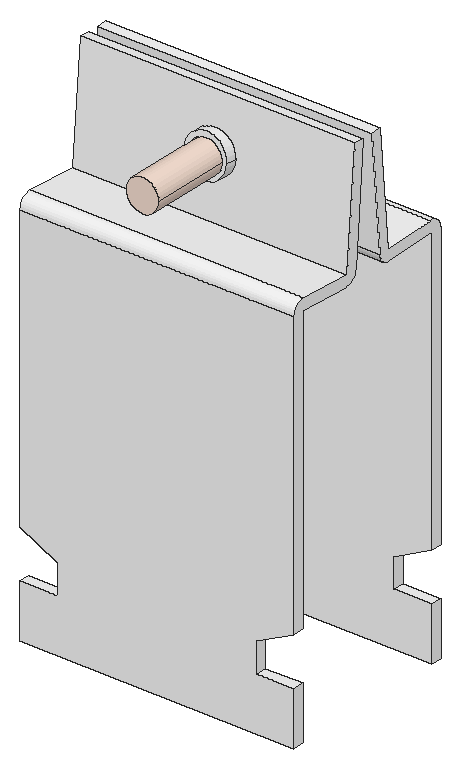
Revit family "十字止め金具60×30", category 機械設備, Revit 2020
Family settings
  丸型コネクタ寸法 = 直径を使用
  種別 = なし
  パーツ タイプ = 標準
  作業面ベース = いいえ
  常に垂直 = はい
  ロード時にボイドで切り取り = いいえ
  共有 = いいえ
  部屋計算ポイント = いいえ
Parameters
  製造元 = "株式会社桐井製作所"
  既定の高さ = 0 mm
  URL = "https://www.kirii.co.jp/"
  K_品名 = "十字止め金具60×30"
  K_名称 = "特殊クリップ"
  K_入数 = "100"
  K_バージョン情報 = "20211012"
Reference planes
  plane 1 "中心(正面/背面)": y = 0
  plane 2: z = 0
  plane 3 "中心(左/右)": x = 0
Forms (mm)
  Extrusion 1, solid
    sketch origin (0, 0, 0) x (0, 1, 0) y (0, 0, 1)
      loop
        line (-15, 0.522) -> (-5.096, 0.003)
        arc (-5.096, 0.003) -> (-3.538, 0.54) -> (-2.789, 2.008) r 2.2
        line (-2.789, 2.008) -> (-0.96, 22.921) -> (-2.952, 23.095) -> (-4.798, 1.99) -> (-14.685, 2.508)
        arc (-14.685, 2.508) -> (-16.314, 1.907) -> (-17, 0.311) r 2.2
        line (-17, 0.311) -> (-17, -71.6) -> (-15, -71.6) -> (-15, 0.522)
    from -25.5 to 25.5
  Extrusion 2, void
    sketch origin (0, -1.419, -0.249) x (1, 0, 0) y (0, 0.087156, 0.996195)
      loop
        circle (0, 13.133) r 3.5
    from 1.562 to 3.562
  Extrusion 3, solid
    sketch origin (0, 0, 0) x (0, -1, 0) y (0, 0, -1)
      loop
        line (-15, -0.522) -> (-15, 71.6) -> (-17, 71.6) -> (-17, -0.311)
        arc (-17, -0.311) -> (-16.314, -1.907) -> (-14.685, -2.508) r 2.2
        line (-14.685, -2.508) -> (-4.798, -1.99) -> (-2.952, -23.095) -> (-0.96, -22.921) -> (-2.789, -2.008)
        arc (-2.789, -2.008) -> (-3.538, -0.54) -> (-5.096, -0.003) r 2.2
        line (-5.096, -0.003) -> (-15, -0.522)
    from -25.5 to 25.5
  Extrusion 4, void
    sketch origin (0, 1.419, -0.249) x (1, 0, 0) y (0, 0.087156, -0.996195)
      loop
        circle (0, -13.133) r 3.5
    from 1.562 to 3.562
  Extrusion 5, solid
    sketch origin (0, -1.117, -0.276) x (1, 0, 0) y (0, 0.087156, 0.996195)
      loop
        circle (0, 13.133) r 3
      loop
        circle (0, 13.133) r 4
    from 3.865 to 5.808
  Extrusion 6, void
    sketch origin (0, 0, 0) x (1, 0, 0) y (0, 0, 1)
      loop
        line (-25.5, -52.6) -> (-25.5, -61.6) -> (-18.5, -61.6) -> (-18.5, -56.1) -> (-25.5, -52.6)
      loop
        line (18.5, -56.1) -> (18.5, -61.6) -> (25.5, -61.6) -> (25.5, -52.6) -> (18.5, -56.1)
    from 15 to 17
  Extrusion 7, void
    sketch origin (0, 32, 0) x (1, 0, 0) y (0, 0, 1)
      loop
        line (-25.5, -52.6) -> (-25.5, -61.6) -> (-18.5, -61.6) -> (-18.5, -56.1) -> (-25.5, -52.6)
      loop
        line (18.5, -56.1) -> (18.5, -61.6) -> (25.5, -61.6) -> (25.5, -52.6) -> (18.5, -56.1)
    from 15 to 17
Cuts and joins
  Extrusion 2, Extrusion 4, Extrusion 6, Extrusion 7 cuts Extrusion 1
  Extrusion 7 cuts Extrusion 5
  joined: Extrusion 1, Extrusion 5
  Extrusion 4, Extrusion 7 cuts Extrusion 3
Dimensions and locks
  aligned and locked: level to plane 2
Nested families
  nested 1: "M6×25ボルト" at (0, 4.603, 13.345) x (1, 0, 0) z (0, -0.0018, 1), type "M6×25ボルト"
Definition of nested family "M6×25ボルト"
  Parameters (values of type "M6×25ボルト")
    Manufacturer = "株式会社桐井製作所"
    Default Elevation = 0 mm
    URL = "https://www.kirii.co.jp/"
    K_名称 = "M6×25ボルト"
  Reference planes
    plane 1 "中心(正面/背面)": y = 0
    plane 2: z = 0
    plane 3 "中心(左/右)": x = 0
    plane 4 "正面": y = -4
  Forms (mm)
    Extrusion 1, solid
      sketch origin (0, 0, 0) x (1, 0, 0) y (0, 0, 1)
        loop
          line (-4.763, -2.946) -> (0, -5.696) -> (4.763, -2.946) -> (4.763, 2.554) -> (0, 5.304) -> (-4.763, 2.554) -> (-4.763, -2.946)
      from 0 to 4
    Extrusion 2, void
      sketch origin (0, -4, 0) x (-1, 0, 0) y (0, 0, 1)
        loop
          circle (0, -0.156) r 4.396
      from 0 to 1
    Extrusion 3, void
      sketch origin (0, -4, 0) x (-1, 0, 0) y (0, 0, 1)
        loop
          arc (-0.6, 1.814) -> (-1.069, 0.856) -> (-2.036, 0.404) r 1.605
          line (-2.036, 0.404) -> (-2.939, 0.404)
          arc (-2.939, 0.404) -> (-3, -0.195) -> (-2.94, -0.795) r 3
          line (-2.94, -0.795) -> (-2.049, -0.795)
          arc (-2.049, -0.795) -> (-1.074, -1.243) -> (-0.6, -2.206) r 1.605
          line (-0.6, -2.206) -> (-0.6, -3.135)
          arc (-0.6, -3.135) -> (0, -3.196) -> (0.6, -3.135) r 3
          line (0.6, -3.135) -> (0.6, -2.206)
          arc (0.6, -2.206) -> (1.074, -1.243) -> (2.049, -0.795) r 1.605
          line (2.049, -0.795) -> (2.94, -0.795)
          arc (2.94, -0.795) -> (3, -0.198) -> (2.941, 0.398) r 3
          line (2.941, 0.398) -> (2.117, 0.398)
          arc (2.117, 0.398) -> (1.098, 0.828) -> (0.6, 1.814) r 1.605
          line (0.6, 1.814) -> (0.6, 2.743)
          arc (0.6, 2.743) -> (0, 2.804) -> (-0.6, 2.743) r 3
          line (-0.6, 2.743) -> (-0.6, 1.814)
      from 0 to 2
    Extrusion 4, solid
      sketch origin (0, 0, 0) x (1, 0, 0) y (0, 0, 1)
        loop
          circle (-0.011, -0.2) r 3
      from 0 to -25
  Cuts and joins
    Extrusion 2, Extrusion 3 cuts Extrusion 1
    joined: Extrusion 1, Extrusion 4
  Dimensions and locks
    aligned and locked: level to plane 2
